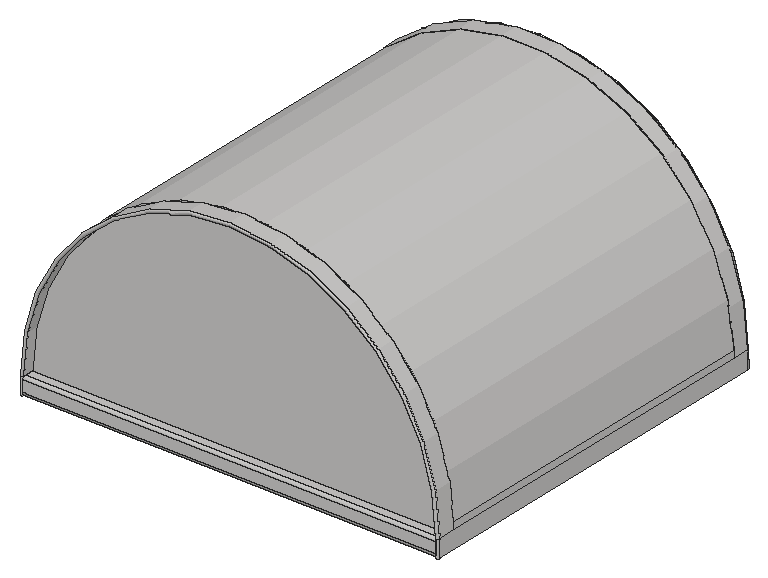
Revit family "PRD_AR_WstBins_WasteBin_BS610", category Furniture, host Face, Revit 2018
Family settings
  Host = Face
  OmniClass Number = 23.40.20.31.11
  OmniClass Title = Bins
  Cut with Voids When Loaded = No
  Shared = No
  Room Calculation Point = No
Parameters (values of type "BS610")
  WasteBinPerforationMaterial = PRD_AR_StainlessSteel_SatinFinished_Perforated
  WasteBinMaterial = PRD_AR_StainlessSteel_SatinFinished
  WarrantyStartDate [instance] = "1900-12-31T23:59:59"
  WarrantyGuarantorParts = "n/a"
  WarrantyGuarantorLabor = "n/a"
  WarrantyDurationUnit = "year"
  WarrantyDurationParts = "n/a"
  WarrantyDurationLabor = "n/a"
  WarrantyDescription = "n/a"
  Version = "1"
  Uniclass2015Version = "Products v1.5"
  Uniclass2015Title = "Waste bins"
  Uniclass2015Code = "Pr_40_50_07_96"
  URL = "www.kwc.com"
  TagNumber [instance] = "n/a"
  SustainabilityPerformance = "n/a"
  Style = "Waste bin"
  Size = "410 x 380 x 222 mm"
  Shape = "n/a"
  SerialNumber [instance] = "n/a"
  Revision = "n/a"
  ReplacementCost = "n/a"
  ProductInformation = "https://pim.kwc.com/product/2000056825/attachment/datasheet?locale=en"
  NominalWidth = 410.00 mm
  NominalLength = 410.00 mm
  NominalHeight = 380.00 mm
  NominalDepth = 222.00 mm
  NetWeight = 4.50 kg
  Name = "Waste bin BS610"
  NBSTypeID = "n/a"
  NBSReference = "45-35-72/380"
  NBSOfficeMasterTag = "n/a"
  NBSNote = "n/a"
  NBSDescription = "Waste bins"
  NBSCertification = "n/a"
  ModelReference = "BS610"
  ModelNumber = "2000056825"
  Model = ModelReference  # "BS610"
  Materials = "Stainless steel 1.4301"
  Material = "Stainless steel"
  ManufacturerURL = "www.kwc.com"
  ManufacturerName = "KWC Group AG"  # constant formula
  Manufacturer = ManufacturerName  # "KWC Group AG"
  MainColor = "Stainless steel"
  Lock = "no"
  Lid = "no"
  IntegralAccessories = "Stainless steel screws and dowels incl."
  InstallationDate [instance] = "1900-12-31T23:59:59"
  IfcExportType = "NOTDEFINED"
  IfcExportAs = "IfcFurnitureType"
  GrossWeight = 5.30 kg
  Grade = "n/a"
  Form = "Wall mounted"
  FinishAndColour = "Stainless steel, satin finished"
  Finish = "Satin finished"
  FillingVolume = "23.00 L"
  Features = "stainless steel, 1.20 mm, satin finished, wall mounting, 410x380x222 mm (WxHxD)"
  ExpectedLife = "n/a"
  DurationUnit = "year"
  Description = "Waste bin for wall mounting, stainless steel, surface satin finished, material thickness 1.2 mm, with a 180° radius front and perforated fascia pattern, cylinder lock with KWC standard key, approx. 22 liter capacity, incl. stainless steel screws and dowels."
  Default Elevation = 820.00 mm
  Constituents = "n/a"
  Color = "Stainless steel"
  CodePerformance = "n/a"
  Category = "Pr_40_50_07_96, Waste bins"
  BarCode [instance] = "n/a"
  BIMObjectName = "PRD_AR_WasteBins_WasteBin_BS610"
  Author = "Archispace"  # constant formula
  AssetType = "Fixed"
  AssetIdentifier [instance] = "n/a"
  AccessibilityPerformance = "n/a"
Reference planes
  plane 1 "Center (Front/Back)": y = 0
  plane 2: z = 0
  plane 3 "Center (Left/Right)": x = 0
Forms (mm)
  Extrusion 1, solid, material "PRD_AR_StainlessSteel_SatinFinished" <- "WasteBinMaterial", detail levels fine
    sketch origin (0, 0, 0) x (0, 1, 0) y (0, 0, 1)
      loop
        line (0, 3) -> (0, 14)
        arc (0, 14) -> (-0.879, 16.121) -> (-3, 17) r 3
        line (-3, 17) -> (-377, 17)
        arc (-377, 17) -> (-379.121, 16.121) -> (-380, 14) r 3
        line (-380, 14) -> (-380, 3)
        arc (-380, 3) -> (-379.121, 0.879) -> (-377, 0) r 3
        line (-377, 0) -> (-3, 0)
        arc (-3, 0) -> (-0.879, 0.879) -> (0, 3) r 3
    from -202 to 202
  Sweep 2, solid, material "PRD_AR_StainlessSteel_SatinFinished" <- "WasteBinMaterial", detail levels fine
    path origin (0, 0, 0) x (1, 0, 0) y (0, 0, 1)
      loop
        line (-202, 0) -> (-202, 17)
        arc (-202, 17) -> (0, 219) -> (202, 17) r 202
        line (202, 17) -> (202, 0)
    profile origin (-202, 0, 8.5) x (-1, 0, 0) y (0, -1, 0)
      loop
        arc (0, 1.5) -> (1.5, 0) -> (3, 1.5) r 1.5
        line (3, 1.5) -> (3, 19) -> (0, 19) -> (0, 1.5)
      loop
        arc (3, 378.5) -> (1.5, 380) -> (0, 378.5) r 1.5
        line (0, 378.5) -> (0, 361) -> (3, 361) -> (3, 378.5)
  Extrusion 3, solid, material "PRD_AR_StainlessSteel_SatinFinished" <- "WasteBinMaterial", detail levels fine
    sketch origin (0, 0, 0) x (1, 0, 0) y (0, 0, 1)
      loop
        arc (202, 17) -> (0, 219) -> (-202, 17) r 202
        line (-202, 17) -> (202, 17)
    from 366 to 368
  Extrusion 4, solid, material "PRD_AR_StainlessSteel_SatinFinished" <- "WasteBinMaterial", detail levels medium
    sketch origin (0, 0, 0) x (1, 0, 0) y (0, 0, 1)
      loop
        arc (205, 17) -> (0, 222) -> (-205, 17) r 205
        line (-205, 17) -> (-205, 0) -> (205, 0) -> (205, 17)
    from 0 to 380
  Extrusion 5, void
    sketch origin (0, 0, 0) x (1, 0, 0) y (0, 0, 1)
      loop
        arc (202, 17) -> (0, 219) -> (-202, 17) r 202
        line (-202, 17) -> (202, 17)
    from 0 to 366
  Extrusion 6, solid, material "PRD_AR_StainlessSteel_SatinFinished" <- "WasteBinMaterial", detail levels coarse
    sketch origin (0, 0, 0) x (1, 0, 0) y (0, 0, 1)
      loop
        arc (205, 17) -> (0, 222) -> (-205, 17) r 205
        line (-205, 17) -> (-205, 0) -> (205, 0) -> (205, 17)
    from 0 to 380
  Sweep 7, solid, material "PRD_AR_StainlessSteel_SatinFinished" <- "WasteBinMaterial", detail levels fine
    path origin (0, 0, 0) x (1, 0, 0) y (0, 0, 1)
      loop
        line (-202, 0) -> (-202, 17)
        arc (-202, 17) -> (-201.97, 20.501) -> (-201.879, 24) r 202
    profile origin (-202, 0, 8.5) x (-1, 0, 0) y (0, -1, 0)
      loop
        line (3, 361) -> (0, 361) -> (0, 19) -> (3, 19) -> (3, 361)
  Sweep 8, solid, material "PRD_AR_StainlessSteel_SatinFinished" <- "WasteBinMaterial", detail levels fine
    path origin (0, 0, 0) x (-1, 0, 0) y (0, 0, 1)
      loop
        line (-202, 0) -> (-202, 17)
        arc (-202, 17) -> (-201.97, 20.501) -> (-201.879, 24) r 202
    profile origin (202, 0, 8.5) x (-1, 0, 0) y (0, -1, 0)
      loop
        line (-3, 361) -> (-3, 19) -> (0, 19) -> (0, 361) -> (-3, 361)
  Sweep 9, solid, material "PRD_AR_StainlessSteel_SatinFinished_Perforated" <- "WasteBinPerforationMaterial", detail levels fine
    path origin (0, 0, 0) x (1, 0, 0) y (0, 0, 1)
      loop
        arc (201.879, 24) -> (0, 219) -> (-201.879, 24) r 202
    profile origin (0, 0, 219) x (0, 0, -1) y (0, -1, 0)
      loop
        line (-3, 19) -> (0, 19) -> (0, 361) -> (-3, 361) -> (-3, 19)
Cuts and joins
  Extrusion 5 cuts Extrusion 4
  joined: Sweep 2, Sweep 7, Sweep 8
Dimensions and locks
  aligned and locked: plane 2 to host face
  aligned and locked: level to host face
